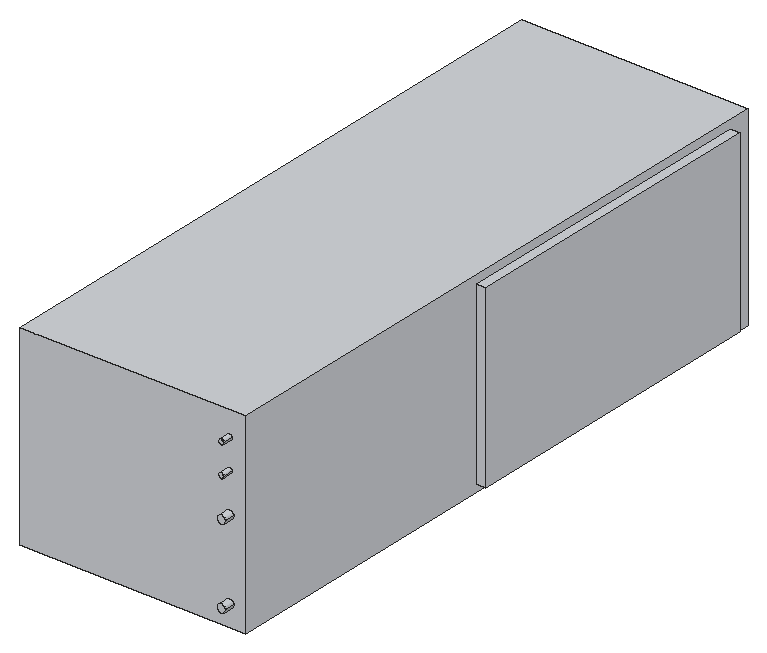
Revit family "M_WSHP - Horizontal - High Efficiency - 7-18 kW - Right Return - Back Discharge", category Mechanical Equipment, Revit 2023
Family settings
  Round Connector Dimension = Use Radius
  Part Type = Normal
  Work Plane-Based = No
  Always vertical = Yes
  Cut with Voids When Loaded = No
  Maintain Annotation Orientation = No
  Shared = No
  Room Calculation Point = No
Parameters (values of type "7 kW")
  Water Supply Radius = 10 mm
  Water Supply Diameter = Water Supply Radius * 2  # 20 mm
  Water Return Radius = 10 mm
  Water Return Diameter = Water Return Radius * 2  # 20 mm
  Water Pressure Drop [instance] = 24131.6 Pa
  Water Flow [instance] = 0.5 L/s
  Voltage = 208 V
  Supply Air Width = 400 mm
  Supply Air Height = 325 mm
  Return Air Height = 450 mm
  Return Air Width = 800 mm
  Pump Width = 1579.9 mm
  Pump Material = none
  Pump Length = 568.9 mm
  Pump Height = 490.2 mm
  Number of Poles = 3
  Hot Water Supply Radius = 6 mm
  Hot Water Supply Diameter = Hot Water Supply Radius * 2  # 12 mm
  Hot Water Return Radius = 6 mm
  Hot Water Return Diameter = Hot Water Return Radius * 2  # 12 mm
  Hot Water Flow [instance] = 0.32 L/s
  Default Elevation = 0 mm
  Condensate Radius = 10 mm
  Drain Flow [instance] = 0.0 L/s
  Condensate Diameter = Condensate Radius * 2  # 20 mm
  C6 Offset 1 = 55.9 mm
  C5 Offset 2 = 91.5 mm
  C5 Offset 1 = 50.8 mm
  C4 Offset 1 = 353 mm
  C3 Offset 1 = 429.2 mm
  C2 Offset 1 = 254 mm
  C1 Offset 1 = 53.4 mm
  Apparent Load = 3952 VA
  External Static Pressure = 149.3 Pa
  Air Flow [instance] = 377.56 L/s
Types (2, lengths in mm): name | Water Pressure Drop | Water Flow | Supply Air Width | Supply Air Height | Return Air Height | Return Air Width | Pump Width | Pump Length | Pump Height | Hot Water Flow | C5 Offset 2 | C5 Offset 1 | C4 Offset 1 | C3 Offset 1 | C2 Offset 1 | C1 Offset 1 | Apparent Load | Air Flow
  7 kW | 24131.6 Pa | 0.5 L/s | 400 | 325 | 450 | 800 | 1579.9 | 568.9 | 490.2 | 0.32 L/s | 91.5 | 50.8 | 353 | 429.2 | 254 | 53.4 | 3952 VA | 377.56 L/s
  11 kW | 31026.4 Pa | 0.57 L/s | 450 | 475 | 500 | 900 | 1808.5 | 645.1 | 541 | 0.5 L/s | 78.8 | 25.4 | 370.9 | 480 | 274.3 | 151.4 | 5283 VA | 566.34 L/s
Reference planes
  plane 1 "Center (Front/Back)": y = 0
  plane 2: z = 0
  plane 3 "Center (Left/Right)": x = 0
  plane 4: y = 1579.9
  plane 5: x = 568.9
  plane 6: z = 490.2
  plane 7: y = 1524
  plane 8: y = 724
  plane 9: z = 245.1
  plane 10: z = 470.1
  plane 11: z = 20.1
  plane 12: x = 491.5
  plane 13: x = 91.5
  plane 14: y = 1605.3
  plane 15: z = 86.36
  plane 16: z = 86.36
  plane 17: x = 511.75
  plane 18: z = 363.2
  plane 19: x = 40.64
  plane 20: x = 528.26
  plane 21: z = 53.4
  plane 22: z = 254
  plane 23: z = 353
  plane 24: z = 429.2
  plane 25: y = -25.4
  plane 26: x = 594.3
  plane 27: z = 439.4
  plane 28: z = 114.4
Forms (mm)
  Extrusion 1, solid, material <- "Pump Material"
    sketch origin (0, 0, 0) x (1, 0, 0) y (0, 1, 0)
      loop
        line (0, 0) -> (568.9, 0) -> (568.9, 1579.9) -> (0, 1579.9) -> (0, 0)
    from 0 to 490.2
  Extrusion 2, solid, material <- "Pump Material"
    sketch origin (0, 0, 0) x (1, 0, 0) y (0, 0, 1)
      loop
        line (491.5, 439.4) -> (91.5, 439.4) -> (91.5, 114.4) -> (491.5, 114.4) -> (491.5, 439.4)
    from -1605.3 to -1579.9
  Extrusion 3, solid, material <- "Pump Material"
    sketch origin (0, 0, 0) x (1, 0, 0) y (0, 0, 1)
      loop
        circle (511.75, 86.36) r 10
    from -1605.3 to -1579.9
  Extrusion 4, solid, material <- "Pump Material"
    sketch origin (0, 0, 0) x (1, 0, 0) y (0, 0, 1)
      loop
        circle (40.64, 363.2) r 25.4
    from -62.547 to 0
  Extrusion 5, solid, material <- "Pump Material"
    sketch origin (0, 0, 0) x (1, 0, 0) y (0, 0, 1)
      loop
        circle (528.26, 53.4) r 10
    from 0 to 25.4
  Extrusion 6, solid, material <- "Pump Material"
    sketch origin (0, 0, 0) x (1, 0, 0) y (0, 0, 1)
      loop
        circle (528.26, 254) r 10
    from 0 to 25.4
  Extrusion 7, solid, material <- "Pump Material"
    sketch origin (0, 0, 0) x (1, 0, 0) y (0, 0, 1)
      loop
        circle (528.26, 353) r 6
    from 0 to 25.4
  Extrusion 8, solid, material <- "Pump Material"
    sketch origin (0, 0, 0) x (1, 0, 0) y (0, 0, 1)
      loop
        circle (528.26, 429.2) r 6
    from 0 to 25.4
  Extrusion 9, solid, material <- "Pump Material"
    sketch origin (0, 0, 0) x (0, 1, 0) y (0, 0, 1)
      loop
        line (1524, 470.1) -> (724, 470.1) -> (724, 20.1) -> (1524, 20.1) -> (1524, 470.1)
    from 568.9 to 594.3
  Extrusion 10, solid, material <- "Pump Material"
    sketch origin (0, 0, 0) x (1, 0, 0) y (0, 0, 1)
      loop
        circle (40.64, 363.2) r 25.4
    from -25.4 to 0
Cuts and joins
  joined: Extrusion 1, Extrusion 2, Extrusion 3, Extrusion 4, Extrusion 5, Extrusion 6, Extrusion 7, Extrusion 8, Extrusion 9, Extrusion 10
Dimensions and locks
  "Pump Width": plane 4 to plane 1 "Center (Front/Back)"
  "Pump Length": plane 3 "Center (Left/Right)" to plane 5
  "Pump Height": plane 6 to level
  "C6 Offset 1": plane 4 to plane 7
  "Return Air Width": plane 7 to plane 8
  equal spacing: plane 11, plane 9, plane 10
  "Return Air Height": plane 11 to plane 10
  "C5 Offset 2": plane 3 "Center (Left/Right)" to plane 13
  "Supply Air Width": plane 13 to plane 12
  locked: plane 14 to plane 4 at 25.4
  locked: plane 2 to plane 16 at 86.36
  locked: plane 5 to plane 17 at 57.15
  locked: plane 19 to plane 3 "Center (Left/Right)" at 40.64
  locked: plane 6 to plane 18 at 127
  locked: plane 20 to plane 5 at 40.64
  "C1 Offset 1": plane 21 to plane 2
  "C2 Offset 1": plane 22 to level
  "C4 Offset 1": plane 23 to level
  "C3 Offset 1": plane 24 to level
  locked: plane 25 to plane 1 "Center (Front/Back)" at 25.4
  locked: plane 5 to plane 26 at 25.4
  "C5 Offset 1": plane 27 to plane 6
  "Supply Air Height": plane 28 to plane 27
  equal spacing: plane 6, plane 9, level
  "Condensate Radius": radius of Extrusion 3 sketch curve
  radius of Extrusion 4 sketch curve = 25.4 mm
  "Water Supply Radius": radius of Extrusion 5 sketch curve
  "Water Return Radius": radius of Extrusion 6 sketch curve
  "Hot Water Return Radius": radius of Extrusion 7 sketch curve
  "Hot Water Supply Radius": radius of Extrusion 8 sketch curve
  aligned and locked: plane 3 "Center (Left/Right)" to Extrusion 1 sketch curve
  aligned and locked: plane 1 "Center (Front/Back)" to Extrusion 1 sketch curve
  aligned and locked: plane 4 to Extrusion 1 sketch curve
  aligned and locked: plane 5 to Extrusion 1 sketch curve
  aligned and locked: plane 6 to Extrusion 1
  aligned and locked: Extrusion 1 to level
  aligned and locked: plane 12 to Extrusion 2 sketch curve
  aligned and locked: plane 13 to Extrusion 2 sketch curve
  aligned and locked: plane 14 to Extrusion 2
  aligned and locked: Extrusion 2 to plane 4
  aligned and locked: Extrusion 3 to Extrusion 2
  aligned and locked: Extrusion 3 to plane 4
  aligned and locked: plane 16 to Extrusion 3 sketch curve
  aligned and locked: plane 17 to Extrusion 3 sketch curve
  aligned and locked: plane 18 to Extrusion 4 sketch curve
  aligned and locked: plane 19 to Extrusion 4 sketch curve
  aligned and locked: plane 21 to Extrusion 5 sketch curve
  aligned and locked: plane 20 to Extrusion 5 sketch curve
  aligned and locked: plane 20 to Extrusion 6 sketch curve
  aligned and locked: plane 22 to Extrusion 6 sketch curve
  aligned and locked: plane 20 to Extrusion 7 sketch curve
  aligned and locked: plane 23 to Extrusion 7 sketch curve
  aligned and locked: plane 20 to Extrusion 8 sketch curve
  aligned and locked: plane 24 to Extrusion 8 sketch curve
  aligned and locked: Extrusion 8 to plane 25
  aligned and locked: Extrusion 7 to Extrusion 8
  aligned and locked: Extrusion 6 to Extrusion 7
  aligned and locked: Extrusion 6 to Extrusion 5  (x2)
  aligned and locked: Extrusion 5 to plane 1 "Center (Front/Back)"
  aligned and locked: Extrusion 5 to Extrusion 1
  aligned and locked: Extrusion 8 to plane 1 "Center (Front/Back)"
  aligned and locked: plane 7 to Extrusion 9 sketch curve
  aligned and locked: plane 10 to Extrusion 9 sketch curve
  aligned and locked: plane 11 to Extrusion 9 sketch curve
  aligned and locked: plane 8 to Extrusion 9 sketch curve
  aligned and locked: plane 26 to Extrusion 9
  aligned and locked: Extrusion 9 to plane 5
  aligned and locked: Extrusion 2 sketch curve to plane 27
  aligned and locked: plane 28 to Extrusion 2 sketch curve
  aligned and locked: plane 19 to Extrusion 10 sketch curve
  aligned and locked: plane 18 to Extrusion 10 sketch curve
  aligned and locked: plane 1 "Center (Front/Back)" to Extrusion 10
Automatic sketch dimensions
  radius of Extrusion 10 sketch curve = 25.4 mm
Connectors
  piping at (528.26, -25.4, 53.4), diameter 20, driven by "Water Supply Radius", driven by "Water Flow"
    settings: on Extrusion 5, index 1, connector inside diameter 20 mm, connector length 0 mm, flow factor 0, pipe flow 0.5 L/s, pressure drop 0.0 Pa, fitting loss kfactor 0, connector angle 0.00°, fixture units 0, engagement length 0 mm, angle of deflection 0.00°, flow configuration 1, flow direction 1, fitting loss method 0, system type 7, joint type 0, gender type 0, connector reference index 2, connector utility 0, adjustable connector no, is connector primary yes, connector description "Water Supply In"
  piping at (528.26, -25.4, 254), diameter 20, driven by "Water Return Radius", driven by "Water Flow", driven by "Water Pressure Drop"
    settings: on Extrusion 6, index 2, connector inside diameter 20 mm, connector length 0 mm, flow factor 0, pipe flow 0.5 L/s, pressure drop 24131.6 Pa, fitting loss kfactor 0, connector angle 0.00°, fixture units 0, engagement length 0 mm, angle of deflection 0.00°, flow configuration 1, flow direction 2, fitting loss method 4, system type 8, joint type 0, gender type 0, connector reference index 1, connector utility 0, adjustable connector no, is connector primary no, connector description "Water Return Out"
  piping at (528.26, -25.4, 429.2), diameter 12, driven by "Hot Water Flow", driven by "Hot Water Supply Radius"
    settings: on Extrusion 8, index 3, connector inside diameter 12 mm, connector length 0 mm, flow factor 0, pipe flow 0.32 L/s, pressure drop 0.0 Pa, fitting loss kfactor 0, connector angle 0.00°, fixture units 0, engagement length 0 mm, angle of deflection 0.00°, flow configuration 0, flow direction 2, fitting loss method 0, system type 7, joint type 0, gender type 0, connector reference index 4, connector utility 0, adjustable connector no, is connector primary no, connector description "Hot Water Supply Out"
  piping at (528.26, -25.4, 353), diameter 12, driven by "Hot Water Return Radius", driven by "Hot Water Flow"
    settings: on Extrusion 7, index 4, connector inside diameter 12 mm, connector length 0 mm, flow factor 0, pipe flow 0.32 L/s, pressure drop 0.0 Pa, fitting loss kfactor 0, connector angle 0.00°, fixture units 0, engagement length 0 mm, angle of deflection 0.00°, flow configuration 0, flow direction 1, fitting loss method 0, system type 8, joint type 0, gender type 0, connector reference index 3, connector utility 0, adjustable connector no, is connector primary no, connector description "Hot Water Return In"
  hvac at (291.5, 1605.3, 276.9), driven by "Air Flow", driven by "Supply Air Width", driven by "Supply Air Height"
    settings: on Extrusion 2, index 5, duct flow 377.56 L/s, flow factor 0, pres drop 0.0 Pa, loss coef 0, conn angle 0.00°, conn width 400 mm, conn height 325 mm, conn diameter 609.6 mm, duct sys type 1, conn prof type 1, flow config 0, flow direction 2, loss method 0, conn ref index 6, conn util no, is conn primary yes, conn desc ""
  hvac at (594.3, 1124, 245.1), driven by "Air Flow", driven by "Return Air Height", driven by "Return Air Width"
    settings: on Extrusion 9, index 6, duct flow 377.56 L/s, flow factor 0, pres drop 0.0 Pa, loss coef 0, conn angle 0.00°, conn width 800 mm, conn height 450 mm, conn diameter 609.6 mm, duct sys type 2, conn prof type 1, flow config 0, flow direction 1, loss method 0, conn ref index 5, conn util no, is conn primary no, conn desc ""
  piping at (511.75, 1605.3, 86.36), diameter 20, driven by "Drain Flow", driven by "Condensate Radius"
    settings: on cut or joined group of Extrusion 1, Extrusion 2, Extrusion 3, Extrusion 4, Extrusion 5, Extrusion 6, Extrusion 7, Extrusion 8, Extrusion 9, Extrusion 10, index 7, connector inside diameter 20 mm, connector length 0 mm, flow factor 0, pipe flow 0.0 L/s, pressure drop 0.0 Pa, fitting loss kfactor 0, connector angle 0.00°, fixture units 0, engagement length 0 mm, angle of deflection 0.00°, flow configuration 1, flow direction 2, fitting loss method 0, system type 16, joint type 0, gender type 0, connector reference index -1, connector utility 0, adjustable connector yes, is connector primary no, connector description "Condensate Out"
  electrical at (40.64, 0, 363.2), driven by "Apparent Load", driven by "Voltage", driven by "Number of Poles"
    settings: on Extrusion 10, index 8, voltage 208 V, apparent load 3952 VA, apparent load phase1 0 VA, apparent load phase2 0 VA, apparent load phase3 0 VA, power factor 0.8, load classification "HVAC", number of poles 3, system type 30, power factor state 1, is connector primary yes, connector utility no, sub classification motor no, connector description ""
